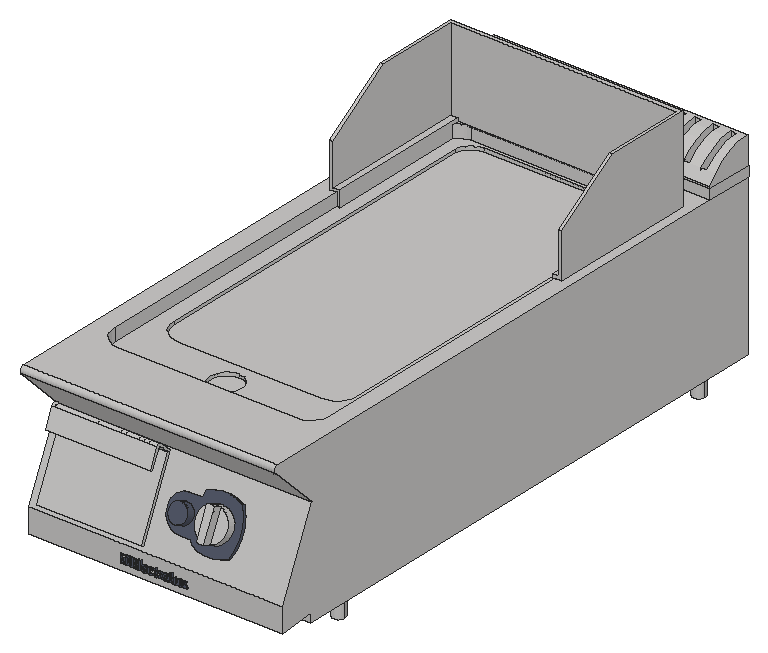
Revit family "QF_ELECTROLUXPROFESSIONAL_391589_E9IILTAOMCI", category Attrezzature speciali, Revit 2021
Family settings
  Quota connettore circolare = Usa diametro
  Tipo di parte = Normale
  Basato su piano di lavoro = No
  Sempre verticale = Sì
  Taglio con vuoti quando caricato = No
  Condiviso = No
  Punto di calcolo locali = No
Parameters (values of type "Standard")
  Weight = 55.00 kg
  Watts = 0 W
  Volts = 0 V
  URL Manufacturer = "https://www.electroluxprofessional.com/"
  URL = "https://www.electroluxprofessional.com/"
  Steam Supply Size = 0"
  Steam Supply Minimum Pressure = 0.00 psi
  Steam Supply Maximum Pressure = 0.00 psi
  Steam Consumption per Hour = 0
  Show Logo [instance] = yes
  Show Clearance [instance] = yes
  Refrigeration Suction Line Size = 0 mm
  Refrigeration Liquid Line Size = 0 mm
  Refrigerant Compressor Remote = yes
  Prospetto di default = 0 mm
  Phase = 0
  Modello = "E9IILTAOMCI"
  Produttore = "Electrolux Professional"
  Length Actual = 400 mm  # constant formula
  Item Number = "391589"
  Hot Water Size = 0"
  Height Actual = 250 mm  # constant formula
  HP = "0 HP"
  Gas Size = 1/2"
  Gas KW = 10
  Gas Input Pressure = 0.336018 Btu/h
  Direct Waste Size = 0"
  Descrizione = "GAS FRY TOP RIBBED SLOPED PLATE 400 MM-BRUSHED CHROME - QMARK"
  Depth Actual = 930 mm  # constant formula
  Cycle = 0 Hz
  Condensate Return Size = 0"
  Compressed Air Volume = 0 GPM
  Compressed Air Size = 0"
  Compressed Air Pressure = 0.00 psi
  Cold Water Size = 0"
  Base Height [instance] = 24 mm  # constant formula
  Accessory = yes
Reference planes
  plane 1 "BACK": y = 0
  plane 2: z = 0
  plane 3 "LEFT": x = 0
  plane 4 "RIGHT": x = 400
  plane 5 "FRONT": y = -930
  plane 6 "TOP": z = 410
  plane 7 "Center Y": x = 200
  plane 8 "Center X": y = -465
  plane 9 "BASE": z = 24
  plane 10: y = -791
  plane 11: y = -83
  plane 12: x = 348
  plane 13: y = -1045
  plane 14: z = 275
  plane 15: y = -666
  plane 16: y = -346.873
Forms (mm)
  Extrusion 1, solid, material "QF_Clearances", visible <- "Show Clearance", detail levels coarse
    sketch origin (0, 0, 0) x (1, 0, 0) y (0, 1, 0)
      loop
        line (0, -930) -> (0, 0) -> (400.05, 0) -> (400.05, -930) -> (500.069, -930) -> (500.069, 100.019) -> (-100.019, 100.019) -> (-100.019, -930) -> (0, -930)
    from 0 to 410
  Extrusion 2, solid, material "QF_Finishes_Stainless Steel"
    sketch origin (0, -200, 0) x (0, 1, 0) y (0, 0, 1)
      loop
        line (200, 275) -> (-723.497, 275)
        arc (-723.497, 275) -> (-729.729, 270.836) -> (-728.267, 263.485) r 6.745
        line (-728.267, 263.485) -> (-657.416, 192.634) -> (-713.772, 70.59) -> (-713.772, 32.49) -> (-660.4, 38.1) -> (-660.4, 24) -> (200, 24) -> (200, 275)
    from 0 to 400.05
  Extrusion 3, void
    sketch origin (0, -202.381, 275.4) x (-1, 0, 0) y (0, -1, 0)
      loop
        arc (-55.4, -87.381) -> (-37.439, -79.942) -> (-30, -61.981) r 25.4
        line (-30, -61.981) -> (-30, 579.98)
        arc (-30, 579.98) -> (-40.99, 606.513) -> (-67.523, 617.504) r 37.523
        line (-67.523, 617.504) -> (-344.314, 617.504)
        arc (-344.314, 617.504) -> (-366.048, 608.501) -> (-375.05, 586.768) r 30.736
        line (-375.05, 586.768) -> (-375.05, -61.981)
        arc (-375.05, -61.981) -> (-367.611, -79.942) -> (-349.65, -87.381) r 25.4
        line (-349.65, -87.381) -> (-55.4, -87.381)
    from 0 to -20
  Extrusion 4, solid, material "QF_Finishes_Stainless Steel"
    sketch origin (0, -200, 0) x (1, 0, 0) y (0, 1, 0)
      loop
        circle (11.112, 117) r 9.525
      loop
        circle (11.112, -591) r 9.525
      loop
        circle (388.887, 117) r 9.525
      loop
        circle (388.888, -591) r 9.525
    from 0 to 24
  Extrusion 5, solid, material "QF_Finishes_Navy Blue - Electrolux"
    sketch origin (115.456, -913.772, 69.19) x (0, 0.419232, 0.907879) y (-1, 0, 0)
      loop
        arc (102.26, -132.62) -> (97.637, -130.762) -> (92.92, -129.161) r 90.355
        arc (92.92, -129.161) -> (93.04, -117.639) -> (92.027, -106.161) r 117.12
        arc (92.027, -106.161) -> (66.337, -82.611) -> (38.409, -103.459) r 27.322
        arc (38.409, -103.459) -> (36.611, -116.6) -> (37.509, -129.833) r 65.199
        arc (37.509, -129.833) -> (34.4, -130.94) -> (31.333, -132.16) r 90.355
        arc (31.333, -132.16) -> (24.504, -161.269) -> (31.333, -190.378) r 65.456
        arc (31.333, -190.378) -> (66.877, -199.452) -> (102.26, -189.765) r 71.728
        arc (102.26, -189.765) -> (108.852, -161.193) -> (102.26, -132.62) r 65.22
    from 0 to 3.175
  Extrusion 6, solid, material "QF_Finishes_Stainless Steel"
    sketch origin (115.456, -917.486, 68.721) x (0, 0.419232, 0.907879) y (-1, 0, 0)
      loop
        circle (68.826, -160.963) r 25.4
    from 0 to 12.7
  Extrusion 7, solid, material "QF_Finishes_Stainless Steel"
    sketch origin (115.456, -929.016, 74.045) x (0, 0.419232, 0.907879) y (-1, 0, 0)
      loop
        arc (93.558, -166.749) -> (94.226, -160.963) -> (93.558, -155.177) r 25.4
        line (93.558, -155.177) -> (44.094, -155.177)
        arc (44.094, -155.177) -> (43.426, -160.963) -> (44.094, -166.749) r 25.4
        line (44.094, -166.749) -> (93.558, -166.749)
    from 0 to 12.7
  Extrusion 8, solid, material "QF_Finishes_Navy Blue - Electrolux", visible <- "Show Logo"
    sketch origin (-142.26, -913.772, 35.853) x (0, 0, 1) y (-1, 0, 0)
      loop
        line (20.674, -296.698) -> (8.307, -296.698)
        arc (8.307, -296.698) -> (14.491, -301.27) -> (20.674, -296.698) r 6.467
      loop
        arc (20.674, -296.069) -> (19.505, -290.926) -> (14.849, -288.448) r 6.338
        line (14.849, -288.448) -> (14.849, -290.494)
        arc (14.849, -290.494) -> (16.333, -294.149) -> (19.778, -296.069) r 5.941
        line (19.778, -296.069) -> (20.674, -296.069)
      loop
        arc (9.203, -296.069) -> (12.648, -294.149) -> (14.132, -290.494) r 5.941
        line (14.132, -290.494) -> (14.132, -288.448)
        arc (14.132, -288.448) -> (9.438, -290.922) -> (8.148, -296.069) r 6.504
        line (8.148, -296.069) -> (9.203, -296.069)
      loop
        line (21.349, -287.979) -> (7.604, -287.979) -> (7.604, -301.742) -> (21.349, -301.742) -> (21.349, -287.979)
      loop
        arc (21.432, -304.71) -> (21.085, -304.352) -> (20.718, -304.69) r 0.358
        arc (20.718, -304.69) -> (20.404, -305.44) -> (19.687, -305.825) r 1.216
        line (19.687, -305.825) -> (9.274, -305.825)
        arc (9.274, -305.825) -> (8.614, -305.548) -> (8.218, -304.951) r 1.238
        arc (8.218, -304.951) -> (7.823, -304.7) -> (7.518, -305.054) r 0.358
        line (7.518, -305.054) -> (7.518, -314.933) -> (10.269, -314.933) -> (10.269, -314.036)
        arc (10.269, -314.036) -> (9.36, -313.456) -> (8.904, -312.479) r 1.928
        line (8.904, -312.479) -> (8.904, -309.98)
        arc (8.904, -309.98) -> (9.18, -309.251) -> (9.868, -308.887) r 1.101
        line (9.868, -308.887) -> (13.955, -308.887) -> (13.955, -312.561)
        arc (13.955, -312.561) -> (13.602, -313.058) -> (13.037, -313.286) r 1.083
        arc (13.037, -313.286) -> (12.773, -313.591) -> (13.065, -313.869) r 0.292
        line (13.065, -313.869) -> (16.028, -313.869)
        arc (16.028, -313.869) -> (16.33, -313.596) -> (16.092, -313.266) r 0.305
        arc (16.092, -313.266) -> (15.601, -313.018) -> (15.296, -312.561) r 1.083
        line (15.296, -312.561) -> (15.296, -308.887) -> (19.973, -308.887) -> (19.973, -312.635)
        arc (19.973, -312.635) -> (19.759, -313.39) -> (19.153, -313.888) r 1.314
        arc (19.153, -313.888) -> (18.934, -314.292) -> (19.288, -314.585) r 0.361
        line (19.288, -314.585) -> (21.432, -314.585) -> (21.432, -304.71)
      loop
        arc (20.715, -315.365) -> (20.335, -316.284) -> (19.416, -316.664) r 1.299
        line (19.416, -316.664) -> (9.837, -316.664)
        arc (9.837, -316.664) -> (8.999, -316.286) -> (8.728, -315.408) r 1.118
        line (8.728, -315.408) -> (7.518, -315.408) -> (7.518, -320.758) -> (8.706, -320.758)
        arc (8.706, -320.758) -> (8.978, -319.841) -> (9.848, -319.445) r 1.153
        line (9.848, -319.445) -> (21.92, -319.445) -> (20.715, -315.365)
      loop
        line (12.483, -323.394) -> (12.483, -329.842) -> (13.282, -329.842)
        arc (13.282, -329.842) -> (15.862, -328.857) -> (17.131, -326.404) r 3.874
        line (17.131, -326.404) -> (17.131, -324.643)
        arc (17.131, -324.643) -> (15.944, -321.778) -> (13.08, -320.592) r 4.051
        line (13.08, -320.592) -> (11.072, -320.592)
        arc (11.072, -320.592) -> (8.253, -322.077) -> (7.202, -325.084) r 4.352
        arc (7.202, -325.084) -> (7.566, -327.547) -> (8.943, -329.621) r 5.713
        line (8.943, -329.621) -> (9.892, -329.621)
        arc (9.892, -329.621) -> (9.16, -328.052) -> (8.943, -326.334) r 5.579
        arc (8.943, -326.334) -> (9.737, -324.371) -> (11.616, -323.394) r 3.057
        line (11.616, -323.394) -> (12.483, -323.394)
      loop
        line (13.742, -323.394) -> (13.742, -326.977)
        arc (13.742, -326.977) -> (15.199, -327.024) -> (16.082, -325.864) r 1.59
        line (16.082, -325.864) -> (16.082, -325.034)
        arc (16.082, -325.034) -> (15.217, -323.779) -> (13.742, -323.394) r 2.184
      loop
        arc (16.533, -339.259) -> (17.022, -337.585) -> (17.179, -335.848) r 9.023
        line (17.179, -335.848) -> (17.179, -334.486)
        arc (17.179, -334.486) -> (16.02, -331.686) -> (13.22, -330.527) r 3.959
        line (13.22, -330.527) -> (10.62, -330.527)
        arc (10.62, -330.527) -> (8.338, -331.819) -> (7.221, -334.192) r 4.331
        line (7.221, -334.192) -> (7.221, -336.327)
        arc (7.221, -336.327) -> (7.729, -337.877) -> (8.651, -339.223) r 5.772
        arc (8.651, -339.223) -> (9.412, -339.274) -> (9.499, -338.515) r 0.553
        arc (9.499, -338.515) -> (9.111, -337.781) -> (8.977, -336.962) r 2.573
        line (8.977, -336.962) -> (8.977, -335.447)
        arc (8.977, -335.447) -> (9.983, -333.806) -> (11.798, -333.163) r 2.884
        line (11.798, -333.163) -> (13.077, -333.163)
        arc (13.077, -333.163) -> (14.898, -333.723) -> (15.824, -335.388) r 2.554
        line (15.824, -335.388) -> (15.824, -336.441)
        arc (15.824, -336.441) -> (15.493, -337.369) -> (14.836, -338.104) r 2.564
        arc (14.836, -338.104) -> (14.614, -338.821) -> (15.223, -339.259) r 0.643
        line (15.223, -339.259) -> (16.533, -339.259)
      loop
        line (15.515, -339.53) -> (15.515, -341.031) -> (9.467, -341.031)
        arc (9.467, -341.031) -> (7.879, -341.688) -> (7.221, -343.276) r 2.246
        line (7.221, -343.276) -> (7.221, -344.86)
        arc (7.221, -344.86) -> (7.535, -345.725) -> (8.035, -346.496) r 4.06
        arc (8.035, -346.496) -> (8.768, -346.629) -> (9.019, -345.928) r 0.576
        arc (9.019, -345.928) -> (8.913, -345.403) -> (8.977, -344.87) r 1.69
        arc (8.977, -344.87) -> (9.519, -344.082) -> (10.425, -343.779) r 1.506
        line (10.425, -343.779) -> (15.563, -343.779) -> (15.563, -346.176) -> (16.119, -346.733) -> (16.941, -346.733) -> (16.941, -343.873) -> (20.172, -343.873) -> (15.515, -339.53)
      loop
        line (7.438, -347.63) -> (7.438, -353.017) -> (8.548, -353.017)
        arc (8.548, -353.017) -> (8.942, -352.066) -> (9.893, -351.672) r 1.345
        line (9.893, -351.672) -> (13.509, -351.672)
        arc (13.509, -351.672) -> (14.274, -352.264) -> (14.564, -353.186) r 1.615
        line (14.564, -353.186) -> (14.564, -354.742) -> (17.119, -355.427) -> (17.119, -354.044) -> (15.177, -351.485) -> (17.057, -351.485) -> (16.773, -348.779)
        arc (16.773, -348.779) -> (16.333, -348.249) -> (15.674, -348.45) r 0.621
        arc (15.674, -348.45) -> (15.274, -348.792) -> (14.78, -348.975) r 1.501
        line (14.78, -348.975) -> (9.893, -348.975)
        arc (9.893, -348.975) -> (8.942, -348.581) -> (8.548, -347.63) r 1.345
        line (8.548, -347.63) -> (7.438, -347.63)
      loop
        line (13.54, -354.964) -> (10.848, -354.964)
        arc (10.848, -354.964) -> (8.403, -356.272) -> (7.269, -358.803) r 4.288
        arc (7.269, -358.803) -> (7.205, -360.183) -> (7.269, -361.563) r 15.022
        arc (7.269, -361.563) -> (8.403, -364.094) -> (10.848, -365.401) r 4.288
        line (10.848, -365.401) -> (13.54, -365.401)
        arc (13.54, -365.401) -> (15.986, -364.094) -> (17.119, -361.563) r 4.288
        arc (17.119, -361.563) -> (17.183, -360.183) -> (17.119, -358.803) r 15.022
        arc (17.119, -358.803) -> (15.986, -356.272) -> (13.54, -354.964) r 4.288
      loop
        line (13.745, -358.078) -> (10.643, -358.078)
        arc (10.643, -358.078) -> (8.486, -360.235) -> (10.643, -362.392) r 2.157
        line (10.643, -362.392) -> (13.745, -362.392)
        arc (13.745, -362.392) -> (15.902, -360.235) -> (13.745, -358.078) r 2.157
      loop
        arc (20.726, -365.26) -> (20.355, -366.154) -> (19.461, -366.524) r 1.264
        line (19.461, -366.524) -> (9.597, -366.524)
        arc (9.597, -366.524) -> (8.727, -366.127) -> (8.455, -365.211) r 1.153
        line (8.455, -365.211) -> (7.518, -365.211) -> (7.518, -370.319) -> (8.446, -370.319)
        arc (8.446, -370.319) -> (8.805, -369.547) -> (9.597, -369.232) r 1.153
        line (9.597, -369.232) -> (21.92, -369.232) -> (20.726, -365.26)
      loop
        arc (15.846, -369.857) -> (15.647, -370.921) -> (14.678, -371.403) r 1.215
        line (14.678, -371.403) -> (9.658, -371.403)
        arc (9.658, -371.403) -> (8.043, -372.051) -> (7.322, -373.634) r 2.338
        line (7.322, -373.634) -> (7.322, -375.148)
        arc (7.322, -375.148) -> (7.497, -376.152) -> (7.999, -377.038) r 2.979
        line (7.999, -377.038) -> (7.518, -378.835) -> (7.518, -380.524) -> (16.943, -380.524) -> (16.649, -376.32) -> (15.863, -376.32)
        arc (15.863, -376.32) -> (15.507, -377.156) -> (14.755, -377.665) r 1.605
        line (14.755, -377.665) -> (9.652, -377.665)
        arc (9.652, -377.665) -> (9.232, -376.728) -> (9.159, -375.704) r 2.94
        arc (9.159, -375.704) -> (9.72, -374.603) -> (10.873, -374.16) r 1.724
        line (10.873, -374.16) -> (17.07, -374.16) -> (15.846, -369.857)
      loop
        line (16.874, -381.377) -> (15.202, -383.423) -> (12.028, -385.729) -> (8.572, -382.617)
        arc (8.572, -382.617) -> (8.335, -382.223) -> (8.357, -381.764) r 0.789
        line (8.357, -381.764) -> (7.518, -381.764) -> (7.518, -385.309) -> (8.344, -385.309)
        arc (8.344, -385.309) -> (8.686, -384.947) -> (9.176, -385.039) r 0.52
        line (9.176, -385.039) -> (10.976, -386.51) -> (8.858, -387.886)
        arc (8.858, -387.886) -> (8.457, -387.576) -> (8.37, -387.076) r 0.7
        line (8.37, -387.076) -> (7.518, -387.076) -> (7.518, -393.003) -> (8.405, -393.003)
        arc (8.405, -393.003) -> (8.472, -392.344) -> (8.866, -391.813) r 1.247
        line (8.866, -391.813) -> (13.066, -388.532) -> (15.513, -390.585) -> (16.874, -392.327) -> (16.874, -388.604) -> (15.389, -389.026) -> (13.868, -387.749) -> (15.568, -386.559) -> (16.874, -387.336) -> (16.874, -381.377)
    from 0 to 1.644
  Extrusion 9, solid, material "QF_Finishes_Stainless Steel"
    sketch origin (0, -200, 0) x (0, 1, 0) y (0, 0, 1)
      loop
        line (-658.831, 188.559) -> (-675.238, 204.966)
        arc (-675.238, 204.966) -> (-679.705, 206.368) -> (-683.409, 203.504) r 5.058
        line (-683.409, 203.504) -> (-696.071, 175.994) -> (-693.187, 174.666) -> (-680.525, 202.176)
        arc (-680.525, 202.176) -> (-679.146, 203.243) -> (-677.483, 202.721) r 1.883
        line (-677.483, 202.721) -> (-662.64, 187.878) -> (-713.474, 77.433) -> (-710.589, 76.105) -> (-658.831, 188.559)
    from 12.7 to 177.8
  Extrusion 10, solid, material "QF_Door-Drawer Clearances", visible <- "Show Clearance", detail levels coarse
    sketch origin (0, -301.6, 0) x (0, 1, 0) y (0, 0, 1)
      loop
        line (-576.323, 206.368) -> (-709.631, 206.368)
        arc (-709.631, 206.368) -> (-711.835, 205.39) -> (-713.335, 203.504) r 5.058
        line (-713.335, 203.504) -> (-725.997, 175.994) -> (-723.113, 174.666) -> (-710.451, 202.176)
        arc (-710.451, 202.176) -> (-709.072, 203.243) -> (-707.409, 202.721) r 1.883
        line (-707.409, 202.721) -> (-692.566, 187.878) -> (-743.4, 77.433) -> (-740.516, 76.105) -> (-608.989, 76.105) -> (-557.231, 188.559) -> (-573.638, 204.966)
        arc (-573.638, 204.966) -> (-574.873, 205.873) -> (-576.323, 206.368) r 5.058
    from 12.7 to 177.8
  Extrusion 11, solid, material "QF_Finishes_Stainless Steel"
    sketch origin (0, 0, 24) x (-1, 0, 0) y (0, 1, 0)
      loop
        circle (-348.05, -666) r 6.4
    from 0 to 18
  Extrusion 12, solid, material "QF_Finishes_Stainless Steel"
    sketch origin (0, -200, 0) x (0, -1, 0) y (0, 0, 1)
      loop
        line (-124.988, 275) -> (-124.988, 290) -> (-200, 290) -> (-200, 275) -> (-124.988, 275)
    from 0 to -400.05
  Extrusion 13, solid, material "QF_Finishes_Stainless Steel"
    sketch origin (0, 0, 0) x (0, 1, 0) y (0, 0, 1)
      loop
        line (0, 290) -> (0, 333.762)
        arc (0, 333.762) -> (-42.919, 323.313) -> (-75.012, 292.959) r 86.116
        line (-75.012, 292.959) -> (-75.012, 290) -> (0, 290)
    from 0 to 400
  Extrusion 14, void
    sketch origin (0, 0, 273.238) x (-1, 0, 0) y (0, -1, 0)
      loop
        line (-13.453, 6.761) -> (-13.453, 63.911) -> (-22.749, 63.911) -> (-22.749, 6.761) -> (-13.453, 6.761)
    from 25.4 to 63.5
  Extrusion 15, void
    sketch origin (400.05, 0, 273.238) x (1, 0, 0) y (0, 1, 0)
      loop
        line (-13.503, -6.761) -> (-22.799, -6.761) -> (-22.799, -63.911) -> (-13.503, -63.911) -> (-13.503, -6.761)
    from 25.4 to 63.5
  Extrusion 16, void
    sketch origin (27.988, 0, 273.238) x (-1, 0, 0) y (0, -1, 0)
      loop
        line (-13.453, 6.761) -> (-13.453, 63.911) -> (-22.749, 63.911) -> (-22.749, 6.761) -> (-13.453, 6.761)
    from 25.4 to 63.5
  Extrusion 17, void
    sketch origin (55.977, 0, 273.238) x (-1, 0, 0) y (0, -1, 0)
      loop
        line (-13.453, 6.761) -> (-13.453, 63.911) -> (-22.749, 63.911) -> (-22.749, 6.761) -> (-13.453, 6.761)
    from 25.4 to 63.5
  Extrusion 18, void
    sketch origin (83.965, 0, 273.238) x (-1, 0, 0) y (0, -1, 0)
      loop
        line (-13.428, 6.761) -> (-13.428, 63.911) -> (-22.724, 63.911) -> (-22.724, 6.761) -> (-13.428, 6.761)
    from 25.4 to 63.5
  Extrusion 19, void
    sketch origin (111.953, 0, 273.238) x (-1, 0, 0) y (0, -1, 0)
      loop
        line (-13.428, 6.761) -> (-13.428, 63.911) -> (-22.724, 63.911) -> (-22.724, 6.761) -> (-13.428, 6.761)
    from 25.4 to 63.5
  Extrusion 20, void
    sketch origin (139.942, 0, 273.238) x (-1, 0, 0) y (0, -1, 0)
      loop
        line (-13.428, 6.761) -> (-13.428, 63.911) -> (-22.724, 63.911) -> (-22.724, 6.761) -> (-13.428, 6.761)
    from 25.4 to 63.5
  Extrusion 21, void
    sketch origin (167.93, 0, 273.238) x (-1, 0, 0) y (0, -1, 0)
      loop
        line (-13.428, 6.761) -> (-13.428, 63.911) -> (-22.724, 63.911) -> (-22.724, 6.761) -> (-13.428, 6.761)
    from 25.4 to 63.5
  Extrusion 22, void
    sketch origin (307.872, 0, 273.238) x (-1, 0, 0) y (0, -1, 0)
      loop
        line (-13.403, 6.761) -> (-13.403, 63.911) -> (-22.699, 63.911) -> (-22.699, 6.761) -> (-13.403, 6.761)
    from 25.4 to 63.5
  Extrusion 23, void
    sketch origin (335.86, 0, 273.238) x (-1, 0, 0) y (0, -1, 0)
      loop
        line (-13.403, 6.761) -> (-13.403, 63.911) -> (-22.699, 63.911) -> (-22.699, 6.761) -> (-13.403, 6.761)
    from 25.4 to 63.5
  Extrusion 24, void
    sketch origin (228.013, 0, 273.238) x (-1, 0, 0) y (0, -1, 0)
      loop
        line (-13.428, 6.761) -> (-13.428, 63.911) -> (-22.724, 63.911) -> (-22.724, 6.761) -> (-13.428, 6.761)
    from 25.4 to 63.5
  Extrusion 25, void
    sketch origin (256.002, 0, 273.238) x (-1, 0, 0) y (0, -1, 0)
      loop
        line (-13.428, 6.761) -> (-13.428, 63.911) -> (-22.724, 63.911) -> (-22.724, 6.761) -> (-13.428, 6.761)
    from 25.4 to 63.5
  Extrusion 26, void
    sketch origin (283.99, 0, 273.238) x (-1, 0, 0) y (0, -1, 0)
      loop
        line (-13.403, 6.761) -> (-13.403, 63.911) -> (-22.699, 63.911) -> (-22.699, 6.761) -> (-13.403, 6.761)
    from 25.4 to 63.5
  Extrusion 27, void
    sketch origin (200.025, 0, 273.238) x (-1, 0, 0) y (0, -1, 0)
      loop
        line (-13.428, 6.761) -> (-13.428, 63.911) -> (-22.724, 63.911) -> (-22.724, 6.761) -> (-13.428, 6.761)
    from 25.4 to 63.5
  Extrusion 28, void
    sketch origin (0, -202.381, 255.4) x (0, -1, 0) y (-1, 0, 0)
      loop
        arc (-56.619, -55) -> (-74.579, -62.439) -> (-82.019, -80.4) r 25.4
        line (-82.019, -80.4) -> (-82.019, -322.6)
        arc (-82.019, -322.6) -> (-74.579, -340.561) -> (-56.619, -348) r 25.4
        line (-56.619, -348) -> (501.768, -348)
        arc (501.768, -348) -> (523.501, -338.998) -> (532.504, -317.264) r 30.736
        line (532.504, -317.264) -> (532.504, -92.523)
        arc (532.504, -92.523) -> (521.513, -65.99) -> (494.98, -55) r 37.523
        line (494.98, -55) -> (-56.619, -55)
      loop
        circle (572.619, -200) r 25
    from 0 to 5
  Extrusion 29, solid, material "QF_Finishes_Navy Blue - Electrolux"
    sketch origin (115.456, -916.655, 70.521) x (0, 0.419232, 0.907879) y (-1, 0, 0)
      loop
        circle (65.09, -109.237) r 15
    from 0 to 12.7
  Extrusion 30, solid, material "QF_Finishes_Stainless Steel"
    sketch origin (0, 0, 275) x (0, 0, -1) y (-1, 0, 0)
      loop
        line (19.6, -30) -> (0, -30) -> (0, -20) -> (-135, -20) -> (-135, -25) -> (-5, -25) -> (-5, -35) -> (19.6, -35) -> (19.6, -30)
      loop
        line (19.6, -375.05) -> (19.6, -370.05) -> (-5, -370.05) -> (-5, -380.05) -> (-135, -380.05) -> (-135, -385.05) -> (0, -385.05) -> (0, -375.05) -> (19.6, -375.05)
    from -110 to -346.873
  Extrusion 31, void
    sketch origin (385.05, 0, 292.959) x (0, 0, -1) y (0, -1, 0)
      loop
        line (-52.041, 346.873) -> (-117.041, 346.873) -> (-117.041, 246.781) -> (-52.041, 346.873)
    from 0 to 12.7
  Extrusion 32, void
    sketch origin (25, 0, 292.959) x (0, 0, -1) y (0, -1, 0)
      loop
        line (-52.041, 346.873) -> (-117.041, 346.873) -> (-117.041, 246.781) -> (-52.041, 346.873)
    from 0 to 12.7
  Extrusion 33, solid, material "QF_Finishes_Stainless Steel"
    sketch origin (0, -110, 275) x (0, 0, -1) y (-1, 0, 0)
      loop
        line (-135, -20) -> (-135, -385.05) -> (0, -385.05) -> (0, -20) -> (-135, -20)
    from 0 to -5
Cuts and joins
  Extrusion 3, Extrusion 28 cuts Extrusion 2
  Extrusion 14, Extrusion 15, Extrusion 16, Extrusion 17, Extrusion 18, Extrusion 19, Extrusion 20, Extrusion 21, Extrusion 22, Extrusion 23, Extrusion 24, Extrusion 25, Extrusion 26, Extrusion 27 cuts Extrusion 13
  Extrusion 24 cuts Extrusion 1
  Extrusion 31, Extrusion 32 cuts Extrusion 30
  joined: Extrusion 30, Extrusion 33
Lines and regions (mm)
  Split face 1
    outline origin (115.456, -928.185, 75.846) x (0, 0.419232, 0.907879) y (-1, 0, 0)
      loop
        line (78.679, -108.296) -> (67.103, -108.296) -> (67.103, -110.296) -> (78.679, -110.296) -> (78.679, -108.296)
  symbolic lines, style "QF_Clearances", visible <- "Show Clearance", detail levels coarse
    curve 1: line (-100.019, 100.019, 276.225) -> (-100.019, -930, 276.225)
    curve 2: line (500.069, 100.019, 276.225) -> (-100.019, 100.019, 276.225)
    curve 3: line (500.069, -930, 276.225) -> (500.069, 100.019, 276.225)
  symbolic lines
    curve 4: line (0, -75.012, 276.225) -> (400.05, -75.012, 276.225)
    curve 5: line (0, -930.25, 276.225) -> (0, 0, 276.225)
    curve 6: line (400.05, 0, 276.225) -> (400.05, -930.25, 276.225)
    curve 7: line (30, -346.873, 276.225) -> (30, -782.362, 276.225)
    curve 8: arc (30, -782.362, 276.225) -> (40.99, -808.895, 276.225) -> (67.523, -819.885, 276.225) r 37.523
    curve 9: arc (344.314, -819.885, 276.225) -> (366.048, -810.883, 276.225) -> (375.05, -789.149, 276.225) r 30.736
    curve 10: line (375.05, -789.149, 276.225) -> (375.05, -346.873, 276.225)
    curve 11: line (400.05, -930.25, 276.225) -> (0, -930.25, 276.225)
    curve 12: line (67.523, -819.885, 276.225) -> (344.314, -819.885, 276.225)
    curve 16: line (0, 0, 276.225) -> (400.05, 0, 276.225)
    curve 17: line (22.749, -6.761, 276.225) -> (22.749, -63.911, 276.225)
    curve 18: line (22.749, -63.911, 276.225) -> (13.453, -63.911, 276.225)
    curve 19: line (13.453, -63.911, 276.225) -> (13.453, -6.761, 276.225)
    curve 20: line (13.453, -6.761, 276.225) -> (22.749, -6.761, 276.225)
    curve 21: line (50.737, -6.761, 276.225) -> (50.737, -63.911, 276.225)
    curve 22: line (50.737, -63.911, 276.225) -> (41.441, -63.911, 276.225)
    curve 23: line (41.441, -63.911, 276.225) -> (41.441, -6.761, 276.225)
    curve 24: line (41.441, -6.761, 276.225) -> (50.737, -6.761, 276.225)
    curve 25: line (78.725, -6.761, 276.225) -> (78.725, -63.911, 276.225)
    curve 26: line (78.725, -63.911, 276.225) -> (69.43, -63.911, 276.225)
    curve 27: line (69.43, -63.911, 276.225) -> (69.43, -6.761, 276.225)
    curve 28: line (69.43, -6.761, 276.225) -> (78.725, -6.761, 276.225)
    curve 29: line (106.689, -6.761, 276.225) -> (106.689, -63.911, 276.225)
    curve 30: line (106.689, -63.911, 276.225) -> (97.393, -63.911, 276.225)
    curve 31: line (97.393, -63.911, 276.225) -> (97.393, -6.761, 276.225)
    curve 32: line (97.393, -6.761, 276.225) -> (106.689, -6.761, 276.225)
    curve 33: line (134.677, -6.761, 276.225) -> (134.677, -63.911, 276.225)
    curve 34: line (134.677, -63.911, 276.225) -> (125.381, -63.911, 276.225)
    curve 35: line (125.381, -63.911, 276.225) -> (125.381, -6.761, 276.225)
    curve 36: line (125.381, -6.761, 276.225) -> (134.677, -6.761, 276.225)
    curve 37: line (162.665, -6.761, 276.225) -> (162.665, -63.911, 276.225)
    curve 38: line (162.665, -63.911, 276.225) -> (153.37, -63.911, 276.225)
    curve 39: line (153.37, -63.911, 276.225) -> (153.37, -6.761, 276.225)
    curve 40: line (153.37, -6.761, 276.225) -> (162.665, -6.761, 276.225)
    curve 41: line (190.654, -6.761, 276.225) -> (190.654, -63.911, 276.225)
    curve 42: line (190.654, -63.911, 276.225) -> (181.358, -63.911, 276.225)
    curve 43: line (181.358, -63.911, 276.225) -> (181.358, -6.761, 276.225)
    curve 44: line (181.358, -6.761, 276.225) -> (190.654, -6.761, 276.225)
    curve 45: line (222.749, -6.761, 276.225) -> (222.749, -63.911, 276.225)
    curve 46: line (222.749, -63.911, 276.225) -> (213.453, -63.911, 276.225)
    curve 47: line (213.453, -63.911, 276.225) -> (213.453, -6.761, 276.225)
    curve 48: line (213.453, -6.761, 276.225) -> (222.749, -6.761, 276.225)
    curve 49: line (250.737, -6.761, 276.225) -> (250.737, -63.911, 276.225)
    curve 50: line (250.737, -63.911, 276.225) -> (241.441, -63.911, 276.225)
    curve 51: line (241.441, -63.911, 276.225) -> (241.441, -6.761, 276.225)
    curve 52: line (241.441, -6.761, 276.225) -> (250.737, -6.761, 276.225)
    curve 53: line (278.725, -6.761, 276.225) -> (278.725, -63.911, 276.225)
    curve 54: line (278.725, -63.911, 276.225) -> (269.43, -63.911, 276.225)
    curve 55: line (269.43, -63.911, 276.225) -> (269.43, -6.761, 276.225)
    curve 56: line (269.43, -6.761, 276.225) -> (278.725, -6.761, 276.225)
    curve 57: line (306.689, -6.761, 276.225) -> (306.689, -63.911, 276.225)
    curve 58: line (306.689, -63.911, 276.225) -> (297.393, -63.911, 276.225)
    curve 59: line (297.393, -63.911, 276.225) -> (297.393, -6.761, 276.225)
    curve 60: line (297.393, -6.761, 276.225) -> (306.689, -6.761, 276.225)
    curve 61: line (330.57, -6.761, 276.225) -> (330.57, -63.911, 276.225)
    curve 62: line (330.57, -63.911, 276.225) -> (321.275, -63.911, 276.225)
    curve 63: line (321.275, -63.911, 276.225) -> (321.275, -6.761, 276.225)
    curve 64: line (321.275, -6.761, 276.225) -> (330.57, -6.761, 276.225)
    curve 65: line (358.559, -6.761, 276.225) -> (358.559, -63.911, 276.225)
    curve 66: line (358.559, -63.911, 276.225) -> (349.263, -63.911, 276.225)
    curve 67: line (349.263, -63.911, 276.225) -> (349.263, -6.761, 276.225)
    curve 68: line (349.263, -6.761, 276.225) -> (358.559, -6.761, 276.225)
    curve 69: line (386.547, -6.761, 276.225) -> (386.547, -63.911, 276.225)
    curve 70: line (386.547, -63.911, 276.225) -> (377.251, -63.911, 276.225)
    curve 71: line (377.251, -63.911, 276.225) -> (377.251, -6.761, 276.225)
    curve 72: line (377.251, -6.761, 276.225) -> (386.547, -6.761, 276.225)
    curve 73: line (20, -110, 276.225) -> (20, -346.873, 276.225)
    curve 74: line (385.05, -110, 276.225) -> (20, -110, 276.225)
    curve 75: line (385.05, -346.873, 276.225) -> (385.05, -110, 276.225)
    curve 76: line (20, -346.873, 276.225) -> (35, -346.873, 276.225)
    curve 77: line (370.05, -346.873, 276.225) -> (385.05, -346.873, 276.225)
    curve 78: arc (55, -145.762, 276.225) -> (62.439, -127.802, 276.225) -> (80.4, -120.362, 276.225) r 25.4
    curve 79: line (80.4, -120.362, 276.225) -> (322.6, -120.362, 276.225)
    curve 80: arc (322.6, -120.362, 276.225) -> (340.561, -127.802, 276.225) -> (348, -145.762, 276.225) r 25.4
    curve 81: line (348, -145.762, 276.225) -> (348, -704.149, 276.225)
    curve 82: arc (348, -704.149, 276.225) -> (338.998, -725.883, 276.225) -> (317.264, -734.885, 276.225) r 30.736
    curve 83: line (317.264, -734.885, 276.225) -> (92.523, -734.885, 276.225)
    curve 84: arc (92.523, -734.885, 276.225) -> (65.99, -723.895, 276.225) -> (55, -697.362, 276.225) r 37.523
    curve 85: line (55, -697.362, 276.225) -> (55, -145.762, 276.225)
    curve 86: line (370.05, -346.873, 276.225) -> (370.05, -115, 276.225)
    curve 87: line (380.05, -115, 276.225) -> (380.05, -346.873, 276.225)
    curve 88: line (35, -346.873, 276.225) -> (35, -115, 276.225)
    curve 89: line (25, -346.873, 276.225) -> (25, -115, 276.225)
    curve 90: line (35, -115, 276.225) -> (380.05, -115, 276.225)
    curve 91: arc (370.05, -125.267, 276.225) -> (361.069, -117.712, 276.225) -> (349.65, -115, 276.225) r 25.4
    curve 92: arc (55.4, -115, 276.225) -> (43.981, -117.712, 276.225) -> (35, -125.267, 276.225) r 25.4
    curve 93: arc (200, -750, 276.225) -> (225, -775, 276.225) -> (200, -800, 276.225) r 25
    curve 94: arc (200, -800, 276.225) -> (175, -775, 276.225) -> (200, -750, 276.225) r 25
  symbolic lines, style "QF_Door-Drawer Clearances", visible <- "Show Clearance", detail levels coarse
    curve 13: line (12.7, -930.25, 276.225) -> (12.7, -1045, 276.225)
    curve 14: line (12.7, -1045, 276.225) -> (177.8, -1045, 276.225)
    curve 15: line (177.8, -1045, 276.225) -> (177.8, -930.25, 276.225)
Dimensions and locks
  equal spacing: plane 3 "LEFT", plane 7 "Center Y", plane 4 "RIGHT"
  plane 3 "LEFT" to plane 4 "RIGHT" = 400 mm
  equal spacing: plane 5 "FRONT", plane 8 "Center X", plane 1 "BACK"
  plane 5 "FRONT" to plane 1 "BACK" = 930 mm  (x2)
  plane 1 "BACK" to plane 5 "FRONT" = 930 mm
  "Base Height": plane 9 "BASE" to level
  plane 9 "BASE" to level = 24 mm
  plane 6 "TOP" to level = 410 mm
  plane 6 "TOP" to plane 9 "BASE" = 386 mm
  plane 13 to plane 1 "BACK" = 1045 mm
  Extrusion 4 sketch curve to plane 1 "BACK" = 83 mm
  plane 10 to plane 11 to plane 1 "BACK" = 708 mm, 83 mm
  Extrusion 4 sketch curve to Extrusion 4 sketch curve = 708 mm
  plane 5 "FRONT" to plane 10 = 139 mm
  Extrusion 11 to plane 9 "BASE" = 18 mm
  plane 14 to plane 9 "BASE" = 251 mm
  plane 15 to plane 1 "BACK" = 666 mm
  plane 9 "BASE" to plane 2 = 24 mm
  cut or joined group of Extrusion 13, Extrusion 14, Extrusion 15, Extrusion 16, Extrusion 17, Extrusion 18, Extrusion 19, Extrusion 20, Extrusion 21, Extrusion 22, Extrusion 23, Extrusion 24, Extrusion 25, Extrusion 26, Extrusion 27 to plane 9 "BASE" = 266 mm
  plane 5 "FRONT" to Extrusion 28 sketch curve = 155 mm
  aligned and locked: level to plane 2
  aligned and locked: plane 9 "BASE" to Extrusion 4
Automatic sketch dimensions
  plane 5 "FRONT" to Extrusion 1 sketch curve = 0 mm  (x2)
  plane 1 "BACK" to Extrusion 1 sketch curve = 0 mm
  Extrusion 1 sketch curve to plane 3 "LEFT" = 0 mm
  Extrusion 1 sketch curve to plane 3 "LEFT" = 100.019 mm
  plane 4 "RIGHT" to Extrusion 1 sketch curve = 0.05 mm
  Extrusion 1 sketch curve to Extrusion 1 sketch curve = 100.019 mm
  Extrusion 1 sketch curve to plane 1 "BACK" = 100.019 mm
  Extrusion 2 sketch curve to plane 14 = 0 mm
  Extrusion 2 sketch curve to plane 9 "BASE" = 0 mm
  Extrusion 2 sketch curve to plane 1 "BACK" = 0 mm
  plane 10 to Extrusion 2 sketch curve = 66.416 mm
  plane 9 "BASE" to Extrusion 2 sketch curve = 14.1 mm
  plane 10 to Extrusion 2 sketch curve = 69.4 mm
  Extrusion 2 sketch curve to plane 5 "FRONT" = 16.228 mm
  Extrusion 2 sketch curve to plane 5 "FRONT" = 6.503 mm
  Extrusion 2 sketch curve to plane 5 "FRONT" = 1.733 mm
  plane 9 "BASE" to Extrusion 2 sketch curve = 8.49 mm
  Extrusion 2 sketch curve to Extrusion 2 sketch curve = 38.1 mm
  Extrusion 2 sketch curve to plane 14 = 82.366 mm
  Extrusion 2 sketch curve to plane 14 = 11.515 mm
  plane 10 to Extrusion 4 sketch curve = 0 mm
  plane 11 to Extrusion 4 sketch curve = 0 mm
  plane 3 "LEFT" to Extrusion 4 sketch curve = 11.112 mm  (x2)
  Extrusion 4 sketch curve to plane 4 "RIGHT" = 11.113 mm  (x2)
  Extrusion 5 sketch curve to Extrusion 5 sketch curve = 0 mm  (x5)
  plane 7 "Center Y" to Extrusion 5 sketch curve = 37.638 mm
  Extrusion 5 sketch curve to Extrusion 5 sketch curve = 55.325 mm
  plane 12 to Extrusion 5 sketch curve = 42.166 mm
  Extrusion 5 sketch curve to Extrusion 5 sketch curve = 6.176 mm
  Extrusion 5 sketch curve to Extrusion 5 sketch curve = 0.9 mm
  Extrusion 5 sketch curve to Extrusion 5 sketch curve = 12.3 mm  (x2)
  Extrusion 5 sketch curve to Extrusion 5 sketch curve = 26.552 mm
  plane 12 to Extrusion 5 sketch curve = 17.051 mm
  Extrusion 5 sketch curve to Extrusion 5 sketch curve = 34.925 mm
  Extrusion 5 sketch curve to Extrusion 5 sketch curve = 1.296 mm
  Extrusion 5 sketch curve to Extrusion 5 sketch curve = 23.703 mm
  plane 7 "Center Y" to Extrusion 5 sketch curve = 21.617 mm
  Extrusion 5 sketch curve to Extrusion 5 sketch curve = 27.065 mm
  Extrusion 5 sketch curve to Extrusion 5 sketch curve = 0.893 mm
  Extrusion 5 sketch curve to Extrusion 5 sketch curve = 8.853 mm
  Extrusion 5 sketch curve to Extrusion 5 sketch curve = 9.34 mm
  Extrusion 5 sketch curve to Extrusion 5 sketch curve = 28.496 mm
  Extrusion 7 sketch curve to Extrusion 7 sketch curve = 24.732 mm
  Extrusion 7 sketch curve to Extrusion 7 sketch curve = 0 mm
  plane 9 "BASE" to Extrusion 8 sketch curve = 14.013 mm
  plane 9 "BASE" to Extrusion 8 sketch curve = 19.054 mm
  plane 7 "Center Y" to Extrusion 8 sketch curve = 2.6 mm
  Extrusion 8 sketch curve to Extrusion 8 sketch curve = 5.06 mm
  Extrusion 8 sketch curve to Extrusion 8 sketch curve = 0 mm  (x28)
  Extrusion 8 sketch curve to Extrusion 8 sketch curve = 5.108 mm  (x2)
  Extrusion 8 sketch curve to Extrusion 8 sketch curve = 0.054 mm
  Extrusion 8 sketch curve to Extrusion 8 sketch curve = 0.218 mm
  Extrusion 8 sketch curve to Extrusion 8 sketch curve = 0.195 mm
  Extrusion 8 sketch curve to Extrusion 8 sketch curve = 0.249 mm
  plane 9 "BASE" to Extrusion 8 sketch curve = 19.371 mm
  Extrusion 8 sketch curve to Extrusion 8 sketch curve = 0.087 mm
  Extrusion 8 sketch curve to Extrusion 8 sketch curve = 0.358 mm
  Extrusion 8 sketch curve to Extrusion 8 sketch curve = 0.481 mm
  Extrusion 8 sketch curve to Extrusion 8 sketch curve = 0.597 mm
  Extrusion 8 sketch curve to Extrusion 8 sketch curve = 0.544 mm
  Extrusion 8 sketch curve to Extrusion 8 sketch curve = 0.936 mm
  Extrusion 8 sketch curve to Extrusion 8 sketch curve = 0.594 mm
  Extrusion 8 sketch curve to Extrusion 8 sketch curve = 0.343 mm
  Extrusion 8 sketch curve to Extrusion 8 sketch curve = 0.159 mm
  Extrusion 8 sketch curve to Extrusion 8 sketch curve = 0.826 mm
  Extrusion 8 sketch curve to Extrusion 8 sketch curve = 0.839 mm
  Extrusion 8 sketch curve to Extrusion 8 sketch curve = 0.852 mm
  Extrusion 8 sketch curve to Extrusion 8 sketch curve = 0.887 mm
  Extrusion 8 sketch curve to Extrusion 8 sketch curve = 0.928 mm
  Extrusion 8 sketch curve to Extrusion 8 sketch curve = 0.938 mm
  Extrusion 8 sketch curve to Extrusion 8 sketch curve = 0.444 mm
  Extrusion 8 sketch curve to Extrusion 8 sketch curve = 1.11 mm  (x3)
  Extrusion 8 sketch curve to Extrusion 8 sketch curve = 0.215 mm
  Extrusion 8 sketch curve to Extrusion 8 sketch curve = 1.43 mm
  Extrusion 8 sketch curve to Extrusion 8 sketch curve = 1.188 mm
  Extrusion 8 sketch curve to Extrusion 8 sketch curve = 1.21 mm  (x2)
  Extrusion 8 sketch curve to Extrusion 8 sketch curve = 0.503 mm
  Extrusion 8 sketch curve to Extrusion 8 sketch curve = 0.488 mm
  Extrusion 8 sketch curve to Extrusion 8 sketch curve = 0.462 mm
  Extrusion 8 sketch curve to Extrusion 8 sketch curve = 1.386 mm
  Extrusion 8 sketch curve to Extrusion 8 sketch curve = 1.742 mm  (x2)
  Extrusion 8 sketch curve to Extrusion 8 sketch curve = 0.821 mm
  Extrusion 8 sketch curve to Extrusion 8 sketch curve = 0.497 mm
  Extrusion 8 sketch curve to Extrusion 8 sketch curve = 0.539 mm
  Extrusion 8 sketch curve to Extrusion 8 sketch curve = 0.686 mm
  Extrusion 8 sketch curve to Extrusion 8 sketch curve = 0.408 mm
  Extrusion 8 sketch curve to Extrusion 8 sketch curve = 0.743 mm
  Extrusion 8 sketch curve to Extrusion 8 sketch curve = 1.16 mm
  Extrusion 8 sketch curve to Extrusion 8 sketch curve = 0.329 mm
  Extrusion 8 sketch curve to Extrusion 8 sketch curve = 1.054 mm
  Extrusion 8 sketch curve to Extrusion 8 sketch curve = 1.056 mm
  Extrusion 8 sketch curve to Extrusion 8 sketch curve = 0.129 mm
  Extrusion 8 sketch curve to Extrusion 8 sketch curve = 0.489 mm
  Extrusion 8 sketch curve to Extrusion 8 sketch curve = 0.441 mm
  Extrusion 8 sketch curve to Extrusion 8 sketch curve = 1.151 mm
  Extrusion 8 sketch curve to Extrusion 8 sketch curve = 1.141 mm  (x2)
  Extrusion 8 sketch curve to Extrusion 8 sketch curve = 0.768 mm
  Extrusion 8 sketch curve to Extrusion 8 sketch curve = 1.653 mm
  Extrusion 8 sketch curve to Extrusion 8 sketch curve = 0.499 mm
  Extrusion 8 sketch curve to Extrusion 8 sketch curve = 0.964 mm
  Extrusion 8 sketch curve to Extrusion 8 sketch curve = 0.949 mm
  Extrusion 8 sketch curve to Extrusion 8 sketch curve = 1.345 mm  (x2)
  Extrusion 8 sketch curve to Extrusion 8 sketch curve = 1.101 mm
  Extrusion 8 sketch curve to Extrusion 8 sketch curve = 0.432 mm
  Extrusion 8 sketch curve to Extrusion 8 sketch curve = 1.142 mm
  Extrusion 8 sketch curve to Extrusion 8 sketch curve = 0.959 mm
  Extrusion 8 sketch curve to Extrusion 8 sketch curve = 0.176 mm
  Extrusion 8 sketch curve to Extrusion 8 sketch curve = 0.728 mm
  Extrusion 8 sketch curve to Extrusion 8 sketch curve = 3.375 mm  (x2)
  Extrusion 8 sketch curve to Extrusion 8 sketch curve = 0.541 mm
  Extrusion 8 sketch curve to Extrusion 8 sketch curve = 0.955 mm
  Extrusion 8 sketch curve to Extrusion 8 sketch curve = 1.251 mm
  Extrusion 8 sketch curve to Extrusion 8 sketch curve = 0.572 mm
  Extrusion 8 sketch curve to Extrusion 8 sketch curve = 1.92 mm
  Extrusion 8 sketch curve to Extrusion 8 sketch curve = 1.224 mm
  Extrusion 8 sketch curve to Extrusion 8 sketch curve = 0.745 mm
  Extrusion 8 sketch curve to Extrusion 8 sketch curve = 2.537 mm
  Extrusion 8 sketch curve to Extrusion 8 sketch curve = 0.896 mm  (x3)
  Extrusion 8 sketch curve to Extrusion 8 sketch curve = 0.036 mm
  Extrusion 8 sketch curve to Extrusion 8 sketch curve = 2.607 mm
  Extrusion 8 sketch curve to Extrusion 8 sketch curve = 0.066 mm
  Extrusion 8 sketch curve to Extrusion 8 sketch curve = 0.248 mm
  Extrusion 8 sketch curve to Extrusion 8 sketch curve = 0.449 mm
  Extrusion 8 sketch curve to Extrusion 8 sketch curve = 1.052 mm
  Extrusion 8 sketch curve to Extrusion 8 sketch curve = 1.863 mm
  Extrusion 8 sketch curve to Extrusion 8 sketch curve = 1.31 mm  (x2)
  Extrusion 8 sketch curve to Extrusion 8 sketch curve = 0.901 mm
  Extrusion 8 sketch curve to Extrusion 8 sketch curve = 1.107 mm
  Extrusion 8 sketch curve to Extrusion 8 sketch curve = 2.122 mm
  Extrusion 8 sketch curve to Extrusion 8 sketch curve = 2.101 mm
  Extrusion 8 sketch curve to Extrusion 8 sketch curve = 0.106 mm
  Extrusion 8 sketch curve to Extrusion 8 sketch curve = 0.029 mm
  Extrusion 8 sketch curve to Extrusion 8 sketch curve = 2.09 mm
  Extrusion 8 sketch curve to Extrusion 8 sketch curve = 1.279 mm
  Extrusion 8 sketch curve to Extrusion 8 sketch curve = 2.008 mm
  Extrusion 8 sketch curve to Extrusion 8 sketch curve = 0.738 mm
  Extrusion 8 sketch curve to Extrusion 8 sketch curve = 0.382 mm
  Extrusion 8 sketch curve to Extrusion 8 sketch curve = 0.384 mm
  Extrusion 8 sketch curve to Extrusion 8 sketch curve = 0.002 mm
  Extrusion 8 sketch curve to Extrusion 8 sketch curve = 0.561 mm
  Extrusion 8 sketch curve to Extrusion 8 sketch curve = 0.592 mm
  Extrusion 8 sketch curve to Extrusion 8 sketch curve = 2.692 mm
  Extrusion 8 sketch curve to Extrusion 8 sketch curve = 1.259 mm
  Extrusion 8 sketch curve to Extrusion 8 sketch curve = 0.802 mm
  Extrusion 8 sketch curve to Extrusion 8 sketch curve = 1.024 mm
  Extrusion 8 sketch curve to Extrusion 8 sketch curve = 0.682 mm
  Extrusion 8 sketch curve to Extrusion 8 sketch curve = 5.934 mm
  Extrusion 8 sketch curve to Extrusion 8 sketch curve = 2.186 mm
  Extrusion 8 sketch curve to Extrusion 8 sketch curve = 0.337 mm
  Extrusion 8 sketch curve to Extrusion 8 sketch curve = 0.021 mm
  Extrusion 8 sketch curve to Extrusion 8 sketch curve = 1.005 mm
  Extrusion 8 sketch curve to Extrusion 8 sketch curve = 0.552 mm
  Extrusion 8 sketch curve to Extrusion 8 sketch curve = 0.778 mm
  Extrusion 8 sketch curve to Extrusion 8 sketch curve = 0.063 mm
  Extrusion 8 sketch curve to Extrusion 8 sketch curve = 1.023 mm
  Extrusion 8 sketch curve to Extrusion 8 sketch curve = 3.804 mm
  Extrusion 8 sketch curve to Extrusion 8 sketch curve = 0.486 mm
  Extrusion 8 sketch curve to Extrusion 8 sketch curve = 0.266 mm  (x2)
  Extrusion 8 sketch curve to Extrusion 8 sketch curve = 1.547 mm
  Extrusion 8 sketch curve to Extrusion 8 sketch curve = 0.717 mm  (x2)
  Extrusion 8 sketch curve to Extrusion 8 sketch curve = 1.667 mm
  Extrusion 8 sketch curve to Extrusion 8 sketch curve = 3.174 mm
  Extrusion 8 sketch curve to Extrusion 8 sketch curve = 0.388 mm
  Extrusion 8 sketch curve to Extrusion 8 sketch curve = 1.342 mm
  Extrusion 8 sketch curve to Extrusion 8 sketch curve = 1.521 mm
  Extrusion 8 sketch curve to Extrusion 8 sketch curve = 0.124 mm
  Extrusion 8 sketch curve to Extrusion 8 sketch curve = 0.291 mm
  plane 7 "Center Y" to Extrusion 8 sketch curve = 3.916 mm
  Extrusion 8 sketch curve to Extrusion 8 sketch curve = 1.049 mm  (x2)
  Extrusion 8 sketch curve to Extrusion 8 sketch curve = 1.7 mm
  Extrusion 8 sketch curve to Extrusion 8 sketch curve = 0.894 mm
  Extrusion 8 sketch curve to Extrusion 8 sketch curve = 0.989 mm
  Extrusion 8 sketch curve to Extrusion 8 sketch curve = 1.168 mm
  Extrusion 8 sketch curve to Extrusion 8 sketch curve = 1.594 mm
  Extrusion 8 sketch curve to Extrusion 8 sketch curve = 0.731 mm
  Extrusion 8 sketch curve to Extrusion 8 sketch curve = 1.566 mm
  Extrusion 8 sketch curve to Extrusion 8 sketch curve = 0.064 mm
  plane 7 "Center Y" to Extrusion 8 sketch curve = 4.472 mm
  Extrusion 8 sketch curve to Extrusion 8 sketch curve = 0.556 mm  (x2)
  Extrusion 8 sketch curve to Extrusion 8 sketch curve = 0.48 mm
  Extrusion 8 sketch curve to Extrusion 8 sketch curve = 0.228 mm
  Extrusion 8 sketch curve to Extrusion 8 sketch curve = 1.018 mm
  Extrusion 8 sketch curve to Extrusion 8 sketch curve = 0.787 mm
  Extrusion 8 sketch curve to Extrusion 8 sketch curve = 0.618 mm
  Extrusion 8 sketch curve to Extrusion 8 sketch curve = 1.672 mm
  Extrusion 8 sketch curve to Extrusion 8 sketch curve = 1.361 mm
  Extrusion 8 sketch curve to Extrusion 8 sketch curve = 0.822 mm
  Extrusion 8 sketch curve to Extrusion 8 sketch curve = 0.069 mm
  Extrusion 8 sketch curve to Extrusion 8 sketch curve = 1.88 mm
  Extrusion 8 sketch curve to Extrusion 8 sketch curve = 0.42 mm
  Extrusion 8 sketch curve to Extrusion 8 sketch curve = 0.062 mm
  Extrusion 8 sketch curve to Extrusion 8 sketch curve = 1.355 mm
  Extrusion 8 sketch curve to Extrusion 8 sketch curve = 2.34 mm
  Extrusion 8 sketch curve to Extrusion 8 sketch curve = 0.493 mm
  Extrusion 8 sketch curve to Extrusion 8 sketch curve = 0.136 mm
  Extrusion 8 sketch curve to Extrusion 8 sketch curve = 0.128 mm
  Extrusion 8 sketch curve to Extrusion 8 sketch curve = 3.616 mm
  Extrusion 8 sketch curve to Extrusion 8 sketch curve = 4.207 mm
  Extrusion 8 sketch curve to Extrusion 8 sketch curve = 0.183 mm
  Extrusion 8 sketch curve to Extrusion 8 sketch curve = 0.895 mm
  Extrusion 8 sketch curve to Extrusion 8 sketch curve = 1.314 mm
  plane 7 "Center Y" to Extrusion 8 sketch curve = 1.612 mm
  Extrusion 8 sketch curve to Extrusion 8 sketch curve = 3.231 mm
  Extrusion 8 sketch curve to Extrusion 8 sketch curve = 1.299 mm
  Extrusion 8 sketch curve to Extrusion 8 sketch curve = 1.214 mm
  Extrusion 8 sketch curve to Extrusion 8 sketch curve = 1.264 mm
  Extrusion 8 sketch curve to Extrusion 8 sketch curve = 0.109 mm
  Extrusion 8 sketch curve to Extrusion 8 sketch curve = 0.357 mm
  Extrusion 8 sketch curve to Extrusion 8 sketch curve = 0.565 mm
  Extrusion 8 sketch curve to Extrusion 8 sketch curve = 2.504 mm
  Extrusion 8 sketch curve to Extrusion 8 sketch curve = 2.459 mm
  Extrusion 8 sketch curve to Extrusion 8 sketch curve = 1.322 mm
  Extrusion 8 sketch curve to Extrusion 8 sketch curve = 2.77 mm
  Extrusion 8 sketch curve to Extrusion 8 sketch curve = 2.51 mm
  Extrusion 8 sketch curve to Extrusion 8 sketch curve = 0.187 mm
  Extrusion 8 sketch curve to Extrusion 8 sketch curve = 2.559 mm
  Extrusion 8 sketch curve to Extrusion 8 sketch curve = 1.556 mm
  Extrusion 8 sketch curve to Extrusion 8 sketch curve = 0.222 mm
  Extrusion 8 sketch curve to Extrusion 8 sketch curve = 1.383 mm
  Extrusion 8 sketch curve to Extrusion 8 sketch curve = 3.114 mm
  Extrusion 8 sketch curve to Extrusion 8 sketch curve = 3.376 mm
  Extrusion 8 sketch curve to Extrusion 8 sketch curve = 0.934 mm
  Extrusion 8 sketch curve to Extrusion 8 sketch curve = 0.191 mm
  Extrusion 8 sketch curve to Extrusion 8 sketch curve = 3.696 mm
  Extrusion 8 sketch curve to Extrusion 8 sketch curve = 2.708 mm
  Extrusion 8 sketch curve to Extrusion 8 sketch curve = 3.333 mm
  Extrusion 8 sketch curve to Extrusion 8 sketch curve = 0.332 mm
  Extrusion 8 sketch curve to Extrusion 8 sketch curve = 1.087 mm
  Extrusion 8 sketch curve to Extrusion 8 sketch curve = 2.23 mm
  Extrusion 8 sketch curve to Extrusion 8 sketch curve = 2.757 mm
  Extrusion 8 sketch curve to Extrusion 8 sketch curve = 0.987 mm
  Extrusion 8 sketch curve to Extrusion 8 sketch curve = 1.529 mm
  Extrusion 8 sketch curve to Extrusion 8 sketch curve = 1.796 mm
  Extrusion 8 sketch curve to Extrusion 8 sketch curve = 2.859 mm
  Extrusion 8 sketch curve to Extrusion 8 sketch curve = 0.853 mm
  Extrusion 8 sketch curve to Extrusion 8 sketch curve = 1.241 mm
  Extrusion 8 sketch curve to Extrusion 8 sketch curve = 2.046 mm  (x2)
  Extrusion 8 sketch curve to Extrusion 8 sketch curve = 2.422 mm
  Extrusion 8 sketch curve to Extrusion 8 sketch curve = 0.27 mm  (x2)
  Extrusion 8 sketch curve to Extrusion 8 sketch curve = 0.69 mm
  Extrusion 8 sketch curve to Extrusion 8 sketch curve = 0.781 mm  (x2)
  Extrusion 8 sketch curve to Extrusion 8 sketch curve = 3.136 mm
  Extrusion 8 sketch curve to Extrusion 8 sketch curve = 1.767 mm
  Extrusion 8 sketch curve to Extrusion 8 sketch curve = 0.138 mm
  Extrusion 8 sketch curve to Extrusion 8 sketch curve = 0.777 mm
  Extrusion 8 sketch curve to Extrusion 8 sketch curve = 1.19 mm
  Extrusion 8 sketch curve to Extrusion 8 sketch curve = 0.782 mm
  Extrusion 8 sketch curve to Extrusion 8 sketch curve = 1.268 mm
  Extrusion 8 sketch curve to Extrusion 8 sketch curve = 0.422 mm  (x2)
  Extrusion 8 sketch curve to Extrusion 8 sketch curve = 1.559 mm
  Extrusion 8 sketch curve to Extrusion 8 sketch curve = 3.927 mm
  Extrusion 8 sketch curve to Extrusion 8 sketch curve = 0.983 mm
  Extrusion 8 sketch curve to Extrusion 8 sketch curve = 1.134 mm
  plane 7 "Center Y" to Extrusion 8 sketch curve = 1.016 mm
  Extrusion 8 sketch curve to Extrusion 8 sketch curve = 1.501 mm
  Extrusion 8 sketch curve to Extrusion 8 sketch curve = 1.808 mm
  Extrusion 8 sketch curve to Extrusion 8 sketch curve = 0.643 mm
  Extrusion 8 sketch curve to Extrusion 8 sketch curve = 0.916 mm
  Extrusion 8 sketch curve to Extrusion 8 sketch curve = 0.352 mm
  Extrusion 8 sketch curve to Extrusion 8 sketch curve = 0.458 mm
  Extrusion 8 sketch curve to Extrusion 8 sketch curve = 1.282 mm
  Extrusion 8 sketch curve to Extrusion 8 sketch curve = 1.363 mm
  Extrusion 8 sketch curve to Extrusion 8 sketch curve = 0.685 mm
  Extrusion 8 sketch curve to Extrusion 8 sketch curve = 0.905 mm
  Extrusion 8 sketch curve to Extrusion 8 sketch curve = 2.865 mm
  Extrusion 8 sketch curve to Extrusion 8 sketch curve = 0.472 mm
  Extrusion 8 sketch curve to Extrusion 8 sketch curve = 0.101 mm
  Extrusion 8 sketch curve to Extrusion 8 sketch curve = 0.54 mm
  Extrusion 8 sketch curve to Extrusion 8 sketch curve = 0.02 mm
  Extrusion 8 sketch curve to Extrusion 8 sketch curve = 0.468 mm
  Extrusion 8 sketch curve to Extrusion 8 sketch curve = 0.829 mm
  Extrusion 8 sketch curve to Extrusion 8 sketch curve = 0.582 mm
  Extrusion 8 sketch curve to Extrusion 8 sketch curve = 0.166 mm
  Extrusion 8 sketch curve to Extrusion 8 sketch curve = 0.16 mm
  Extrusion 8 sketch curve to Extrusion 8 sketch curve = 2.781 mm
  Extrusion 8 sketch curve to Extrusion 8 sketch curve = 1.118 mm
  Extrusion 8 sketch curve to Extrusion 8 sketch curve = 0.613 mm
  Extrusion 8 sketch curve to Extrusion 8 sketch curve = 0.361 mm
  Extrusion 8 sketch curve to Extrusion 8 sketch curve = 0.897 mm
  Extrusion 8 sketch curve to Extrusion 8 sketch curve = 0.167 mm
  Extrusion 8 sketch curve to Extrusion 8 sketch curve = 0.292 mm
  Extrusion 8 sketch curve to Extrusion 8 sketch curve = 0.305 mm
  Extrusion 8 sketch curve to Extrusion 8 sketch curve = 1.557 mm
  Extrusion 8 sketch curve to Extrusion 8 sketch curve = 2.499 mm
  Extrusion 8 sketch curve to Extrusion 8 sketch curve = 3.062 mm
  Extrusion 8 sketch curve to Extrusion 8 sketch curve = 2.968 mm
  Extrusion 8 sketch curve to Extrusion 8 sketch curve = 5.044 mm
  Extrusion 8 sketch curve to Extrusion 8 sketch curve = 0.629 mm  (x2)
  Extrusion 8 sketch curve to Extrusion 8 sketch curve = 1.131 mm
  Extrusion 8 sketch curve to Extrusion 8 sketch curve = 0.137 mm
  Extrusion 8 sketch curve to Extrusion 8 sketch curve = 0.027 mm
  Extrusion 8 sketch curve to Extrusion 8 sketch curve = 2.235 mm
  Extrusion 9 sketch curve to Extrusion 9 sketch curve = 0 mm  (x2)
  Extrusion 9 sketch curve to plane 5 "FRONT" = 16.526 mm
  Extrusion 9 sketch curve to Extrusion 9 sketch curve = 2.884 mm  (x3)
  Extrusion 9 sketch curve to plane 5 "FRONT" = 33.929 mm
  Extrusion 9 sketch curve to Extrusion 9 sketch curve = 12.662 mm
  Extrusion 9 sketch curve to Extrusion 9 sketch curve = 1.711 mm
  Extrusion 9 sketch curve to Extrusion 9 sketch curve = 1.332 mm
  Extrusion 9 sketch curve to Extrusion 9 sketch curve = 2.245 mm
  Extrusion 9 sketch curve to Extrusion 9 sketch curve = 14.843 mm
  Extrusion 9 sketch curve to Extrusion 9 sketch curve = 3.809 mm
  plane 9 "BASE" to Extrusion 9 sketch curve = 52.105 mm
  Extrusion 9 sketch curve to Extrusion 9 sketch curve = 1.327 mm  (x2)
  Extrusion 9 sketch curve to Extrusion 9 sketch curve = 13.211 mm
  Extrusion 9 sketch curve to Extrusion 9 sketch curve = 0.787 mm
  Extrusion 10 sketch curve to Extrusion 10 sketch curve = 0 mm  (x2)
  Extrusion 10 sketch curve to plane 13 = 0 mm
  Extrusion 10 sketch curve to plane 13 = 2.884 mm
  Extrusion 10 sketch curve to plane 13 = 17.403 mm
  Extrusion 10 sketch curve to Extrusion 10 sketch curve = 2.884 mm  (x2)
  Extrusion 10 sketch curve to plane 13 = 30.065 mm
  Extrusion 10 sketch curve to Extrusion 10 sketch curve = 0.82 mm
  Extrusion 10 sketch curve to Extrusion 10 sketch curve = 1.711 mm
  Extrusion 10 sketch curve to Extrusion 10 sketch curve = 1.332 mm
  Extrusion 10 sketch curve to Extrusion 10 sketch curve = 14.843 mm
  Extrusion 10 sketch curve to plane 5 "FRONT" = 19.411 mm
  Extrusion 10 sketch curve to plane 5 "FRONT" = 51.186 mm
  Extrusion 10 sketch curve to Extrusion 10 sketch curve = 0.891 mm
  Extrusion 10 sketch curve to Extrusion 10 sketch curve = 2.686 mm
  Extrusion 10 sketch curve to Extrusion 10 sketch curve = 16.406 mm
  plane 9 "BASE" to Extrusion 10 sketch curve = 52.105 mm
  Extrusion 10 sketch curve to Extrusion 10 sketch curve = 1.327 mm  (x2)
  Extrusion 10 sketch curve to Extrusion 10 sketch curve = 13.211 mm
  Extrusion 10 sketch curve to plane 14 = 86.441 mm
  Extrusion 10 sketch curve to Extrusion 10 sketch curve = 0.787 mm
  Extrusion 10 sketch curve to Extrusion 10 sketch curve = 4.979 mm
  Extrusion 11 sketch curve to plane 15 = 0 mm
  Extrusion 11 sketch curve to plane 12 = 0.05 mm
  Extrusion 12 sketch curve to Extrusion 2 = 0 mm  (x2)
  Extrusion 2 to Extrusion 12 sketch curve = 15 mm
  Extrusion 12 sketch curve to Extrusion 2 = 75.012 mm
  Extrusion 13 sketch curve to plane 1 "BACK" = 0 mm
  plane 1 "BACK" to Extrusion 13 sketch curve = 1.769 mm
  Extrusion 13 sketch curve to plane 11 = 7.988 mm
  Extrusion 13 sketch curve to plane 14 = 27.335 mm
  plane 14 to Extrusion 13 sketch curve = 15 mm
  Extrusion 13 sketch curve to Extrusion 13 sketch curve = 2.959 mm
  plane 1 "BACK" to Extrusion 14 sketch curve = 6.761 mm
  plane 3 "LEFT" to Extrusion 14 sketch curve = 22.749 mm
  Extrusion 14 sketch curve to Extrusion 14 sketch curve = 9.296 mm
  Extrusion 14 sketch curve to plane 11 = 19.089 mm
  Extrusion 15 sketch curve to plane 1 "BACK" = 6.761 mm
  plane 4 "RIGHT" to Extrusion 15 sketch curve = 22.749 mm
  Extrusion 15 sketch curve to Extrusion 15 sketch curve = 9.296 mm
  plane 11 to Extrusion 15 sketch curve = 19.089 mm
  plane 1 "BACK" to Extrusion 16 sketch curve = 6.761 mm
  plane 3 "LEFT" to Extrusion 16 sketch curve = 50.737 mm
  Extrusion 16 sketch curve to Extrusion 16 sketch curve = 9.296 mm
  Extrusion 16 sketch curve to plane 11 = 19.089 mm
  plane 1 "BACK" to Extrusion 17 sketch curve = 6.761 mm
  plane 3 "LEFT" to Extrusion 17 sketch curve = 78.725 mm
  Extrusion 17 sketch curve to Extrusion 17 sketch curve = 9.296 mm
  Extrusion 17 sketch curve to plane 11 = 19.089 mm
  plane 1 "BACK" to Extrusion 18 sketch curve = 6.761 mm
  Extrusion 18 sketch curve to plane 7 "Center Y" = 93.311 mm
  Extrusion 18 sketch curve to Extrusion 18 sketch curve = 9.296 mm
  Extrusion 18 sketch curve to plane 11 = 19.089 mm
  plane 1 "BACK" to Extrusion 19 sketch curve = 6.761 mm
  Extrusion 19 sketch curve to plane 7 "Center Y" = 65.323 mm
  Extrusion 19 sketch curve to Extrusion 19 sketch curve = 9.296 mm
  Extrusion 19 sketch curve to plane 11 = 19.089 mm
  plane 1 "BACK" to Extrusion 20 sketch curve = 6.761 mm
  Extrusion 20 sketch curve to plane 7 "Center Y" = 37.335 mm
  Extrusion 20 sketch curve to Extrusion 20 sketch curve = 9.296 mm
